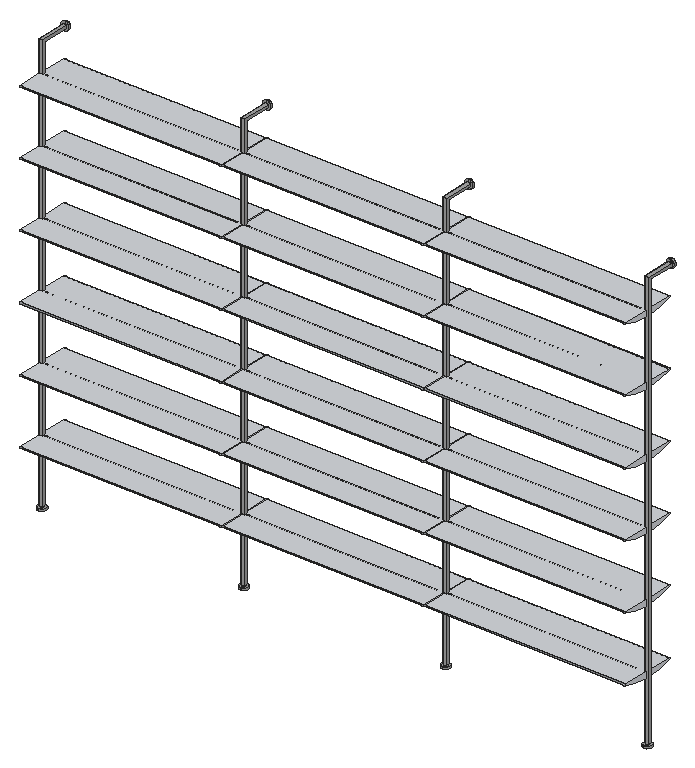
Revit family "Sailor_Parete_Composizione_4", category Arredi, Revit 2017
Family settings
  Numero OmniClass = 23.40.20.00
  Titolo OmniClass = General Furniture and Specialties
  Basato su piano di lavoro = No
  Sempre verticale = Sì
  Taglio con vuoti quando caricato = No
  Condiviso = No
  Punto di calcolo locali = No
Parameters
  VisibModulo4 = no
  VisibModulo3 = yes
  VisibModulo2 = yes
  URL = "www.livingdivani.it"
  Produttore = "Living Divani"
  Modello = "Sailor"
  Lunghezza Modulo 3 = 1200 mm
  Lunghezza Modulo 2 = 1200 mm
  Lunghezza Modulo 4 = 900 mm
  Lunghezza Modulo 1 = 1200 mm
Reference planes
  plane 1 "Centro (Fronte/Retro)": y = 0
  plane 2: z = 0
  plane 3 "Centro (Sinistra/Destra)": x = 0
Dimensions and locks
  aligned and locked: level to plane 2
  aligned and locked: nested 2 to nested 1
  aligned and locked: nested 3 to nested 2
  aligned and locked: nested 2 to nested 3
  aligned and locked: nested 4 to nested 3
  aligned and locked: nested 3 to nested 4
Nested families
  nested 1: "Sailor_Modulo_Base_Parete" at (0, 0, 0), LunghezzaRipiano <- "Lunghezza Modulo 1", type "Modulo 1"
    with VisibRipiano6 yes, VisibRipiano5 yes, VisibRipiano4 yes, VisibRipiano3 yes, VisibRipiano2 yes, VisibRipiano1 yes, LunghezzaRipiano 1200 mm
  nested 2: "Sailor_Modulo_Base_Parete" at (1200, 0, 0), LunghezzaRipiano <- "Lunghezza Modulo 2", visible <- "VisibModulo2", type "Modulo 2"
    with VisibRipiano6 yes, VisibRipiano5 yes, VisibRipiano4 yes, VisibRipiano3 yes, VisibRipiano2 yes, VisibRipiano1 yes, LunghezzaRipiano 1200 mm, PrimaAsta no
  nested 3: "Sailor_Modulo_Base_Parete" at (2400, 0, 0), LunghezzaRipiano <- "Lunghezza Modulo 3", visible <- "VisibModulo3", type "Modulo 3"
    with VisibRipiano6 yes, VisibRipiano5 yes, VisibRipiano4 yes, VisibRipiano3 yes, VisibRipiano2 yes, VisibRipiano1 yes, LunghezzaRipiano 1200 mm, PrimaAsta no
  nested 4: "Sailor_Modulo_Base_Parete" at (3600, 0, 0), LunghezzaRipiano <- "Lunghezza Modulo 4", visible <- "VisibModulo4", type "Modulo 4"
    with VisibRipiano6 yes, VisibRipiano5 yes, VisibRipiano4 yes, VisibRipiano3 yes, VisibRipiano2 yes, VisibRipiano1 yes, LunghezzaRipiano 900 mm, PrimaAsta no
Definition of nested family "Sailor_Modulo_Base_Parete"
  Parameters (values of type "Sailor_Modulo_Base_Parete")
    VisibRipiano6 [instance] = yes
    VisibRipiano5 [instance] = yes
    VisibRipiano4 [instance] = yes
    VisibRipiano3 [instance] = yes
    VisibRipiano1 [instance] = yes
    VisibRipiano2 [instance] = yes
    Ripiani = none
    PrimaAsta = yes
    LunghezzaRipiano [instance] = 900 mm
    Aste = none
  Reference planes
    plane 1 "Centro (Fronte/Retro)": y = 0
    plane 2: z = 0
    plane 3 "Centro (Sinistra/Destra)": x = 0
    plane 4: y = 0
    plane 5 "Lunghezza Ripiano": x = 900
    plane 6 "primo ripiano": z = 383
    plane 7: y = 0
    plane 8: y = 0
    plane 9: y = 0
    plane 10: y = 0
    plane 11: y = 0
  Forms (mm)
    Revolve 1, solid, material <- "Aste", visible <- "PrimaAsta"
      sketch origin (0, 0, 0) x (0, 1, 0) y (0, 0, 1)
        loop
          line (0, 20) -> (0, 0) -> (19, 0) -> (20.125, 2.25) -> (25, 2.25) -> (25, 9.915) -> (7.761, 9.915) -> (6.996, 12.974) -> (5, 12.974) -> (5, 14.189) -> (7.229, 20) -> (0, 20)
        axis (0, 0) -> (0, 20)
      angle from 0 to 360
    Extrusion 2, solid, material <- "Ripiani", visible <- "VisibRipiano1"
      sketch origin (0, -315.449, -968.719) x (0, 1, 0) y (0, 0, 1)
        loop
          arc (153.449, 1369.219) -> (150.496, 1366.748) -> (152.408, 1363.405) r 3
          arc (152.408, 1363.405) -> (315.449, 1334.219) -> (478.489, 1363.405) r 469.983
          arc (478.489, 1363.405) -> (480.402, 1366.748) -> (477.449, 1369.219) r 3
          line (477.449, 1369.219) -> (153.449, 1369.219)
        loop
          circle (315.449, 1351.719) r 8
      from 0 to 900 <- "LunghezzaRipiano"
    Extrusion 3, solid, visible <- "PrimaAsta", not visible
      sketch origin (0, 0, 0) x (1, 0, 0) y (0, 1, 0)
        loop
          line (12.5, 7.217) -> (0, 14.434) -> (-12.5, 7.217) -> (-12.5, -7.217) -> (0, -14.434) -> (12.5, -7.217) -> (12.5, 7.217)
      from 20 to 2670
    Revolve 4, solid, visible <- "PrimaAsta", not visible
      sketch origin (0, 0, 0) x (0, 1, 0) y (0, 0, 1)
        loop
          line (0, 20) -> (0, 0) -> (19, 0) -> (20.125, 2.25) -> (25, 2.25) -> (25, 9.915) -> (7.761, 9.915) -> (6.996, 12.974) -> (5, 12.974) -> (5, 14.189) -> (7.229, 20) -> (0, 20)
        axis (0, 0) -> (0, 20)
      angle from 0 to 360
    Revolve 5, solid, visible <- "PrimaAsta", not visible
      sketch origin (0, 0, 2690) x (0, 1, 0) y (0, 0, -1)
        loop
          line (0, 20) -> (0, 0) -> (19, 0) -> (20.125, 2.25) -> (25, 2.25) -> (25, 9.915) -> (7.761, 9.915) -> (6.996, 12.974) -> (5, 12.974) -> (5, 14.189) -> (7.229, 20) -> (0, 20)
        axis (0, 0) -> (0, 20)
      angle from 0 to 360
    Revolve 6, solid, material <- "Aste"
      sketch origin (900, 0, 0) x (0, 1, 0) y (0, 0, 1)
        loop
          line (0, 20) -> (0, 0) -> (19, 0) -> (20.125, 2.25) -> (25, 2.25) -> (25, 9.915) -> (7.761, 9.915) -> (6.996, 12.974) -> (5, 12.974) -> (5, 14.189) -> (7.229, 20) -> (0, 20)
        axis (0, 0) -> (0, 20)
      angle from 0 to 360
    Extrusion 7, solid, material <- "Ripiani", visible <- "VisibRipiano2"
      sketch origin (0, -315.449, -583.719) x (0, 1, 0) y (0, 0, 1)
        loop
          arc (153.449, 1369.219) -> (150.496, 1366.748) -> (152.408, 1363.405) r 3
          arc (152.408, 1363.405) -> (315.449, 1334.219) -> (478.489, 1363.405) r 469.983
          arc (478.489, 1363.405) -> (480.402, 1366.748) -> (477.449, 1369.219) r 3
          line (477.449, 1369.219) -> (153.449, 1369.219)
        loop
          circle (315.449, 1351.719) r 8
      from 0 to 900 <- "LunghezzaRipiano"
    Extrusion 8, solid, material <- "Ripiani", visible <- "VisibRipiano3"
      sketch origin (0, -315.449, -198.719) x (0, 1, 0) y (0, 0, 1)
        loop
          arc (153.449, 1369.219) -> (150.496, 1366.748) -> (152.408, 1363.405) r 3
          arc (152.408, 1363.405) -> (315.449, 1334.219) -> (478.489, 1363.405) r 469.983
          arc (478.489, 1363.405) -> (480.402, 1366.748) -> (477.449, 1369.219) r 3
          line (477.449, 1369.219) -> (153.449, 1369.219)
        loop
          circle (315.449, 1351.719) r 8
      from 0 to 900 <- "LunghezzaRipiano"
    Extrusion 9, solid, material <- "Ripiani", visible <- "VisibRipiano4"
      sketch origin (0, -315.449, 186.281) x (0, 1, 0) y (0, 0, 1)
        loop
          arc (153.449, 1369.219) -> (150.496, 1366.748) -> (152.408, 1363.405) r 3
          arc (152.408, 1363.405) -> (315.449, 1334.219) -> (478.489, 1363.405) r 469.983
          arc (478.489, 1363.405) -> (480.402, 1366.748) -> (477.449, 1369.219) r 3
          line (477.449, 1369.219) -> (153.449, 1369.219)
        loop
          circle (315.449, 1351.719) r 8
      from 0 to 900 <- "LunghezzaRipiano"
    Extrusion 10, solid, material <- "Ripiani", visible <- "VisibRipiano5"
      sketch origin (0, -315.449, 571.281) x (0, 1, 0) y (0, 0, 1)
        loop
          arc (153.449, 1369.219) -> (150.496, 1366.748) -> (152.408, 1363.405) r 3
          arc (152.408, 1363.405) -> (315.449, 1334.219) -> (478.489, 1363.405) r 469.983
          arc (478.489, 1363.405) -> (480.402, 1366.748) -> (477.449, 1369.219) r 3
          line (477.449, 1369.219) -> (153.449, 1369.219)
        loop
          circle (315.449, 1351.719) r 8
      from 0 to 900 <- "LunghezzaRipiano"
    Extrusion 11, solid, material <- "Ripiani", visible <- "VisibRipiano6"
      sketch origin (0, -315.449, 956.281) x (0, 1, 0) y (0, 0, 1)
        loop
          arc (153.449, 1369.219) -> (150.496, 1366.748) -> (152.408, 1363.405) r 3
          arc (152.408, 1363.405) -> (315.449, 1334.219) -> (478.489, 1363.405) r 469.983
          arc (478.489, 1363.405) -> (480.402, 1366.748) -> (477.449, 1369.219) r 3
          line (477.449, 1369.219) -> (153.449, 1369.219)
        loop
          circle (315.449, 1351.719) r 8
      from 0 to 900 <- "LunghezzaRipiano"
    Extrusion 12, void
      sketch origin (-112.713, -21.581, 0) x (1, 0, 0) y (0, 1, 0)
        loop
          line (112.713, 36.015) -> (112.713, 7.147) -> (125.213, 14.364) -> (125.213, 28.798) -> (112.713, 36.015)
      from 361.476 to 406.494
    Extrusion 13, void
      sketch origin (862.713, -21.581, 0) x (-1, 0, 0) y (0, -1, 0)
        loop
          line (-37.287, -36.015) -> (-24.787, -28.798) -> (-24.787, -14.364) -> (-37.287, -7.147) -> (-37.287, -36.015)
      from 361.476 to 406.494
    Extrusion 14, void
      sketch origin (-112.713, -21.581, 385.443) x (0, -1, 0) y (1, 0, 0)
        loop
          line (-36.015, 112.713) -> (-7.147, 112.713) -> (-14.364, 125.213) -> (-28.798, 125.213) -> (-36.015, 112.713)
      from 361.476 to 406.494
    Extrusion 15, void
      sketch origin (862.713, -21.581, 385.443) x (0, 1, 0) y (-1, 0, 0)
        loop
          line (36.015, -37.287) -> (28.798, -24.787) -> (14.364, -24.787) -> (7.147, -37.287) -> (36.015, -37.287)
      from 361.476 to 406.494
    Extrusion 16, void
      sketch origin (-112.713, -21.581, 770.443) x (0, -1, 0) y (1, 0, 0)
        loop
          line (-36.015, 112.713) -> (-7.147, 112.713) -> (-14.364, 125.213) -> (-28.798, 125.213) -> (-36.015, 112.713)
      from 361.476 to 406.494
    Extrusion 17, void
      sketch origin (862.713, -21.581, 770.443) x (0, 1, 0) y (-1, 0, 0)
        loop
          line (36.015, -37.287) -> (28.798, -24.787) -> (14.364, -24.787) -> (7.147, -37.287) -> (36.015, -37.287)
      from 361.476 to 406.494
    Extrusion 18, void
      sketch origin (-112.713, -21.581, 1155.443) x (0, -1, 0) y (1, 0, 0)
        loop
          line (-36.015, 112.713) -> (-7.147, 112.713) -> (-14.364, 125.213) -> (-28.798, 125.213) -> (-36.015, 112.713)
      from 361.476 to 406.494
    Extrusion 19, void
      sketch origin (862.713, -21.581, 1155.443) x (0, 1, 0) y (-1, 0, 0)
        loop
          line (36.015, -37.287) -> (28.798, -24.787) -> (14.364, -24.787) -> (7.147, -37.287) -> (36.015, -37.287)
      from 361.476 to 406.494
    Extrusion 20, void
      sketch origin (-112.713, -21.581, 1540.443) x (0, -1, 0) y (1, 0, 0)
        loop
          line (-36.015, 112.713) -> (-7.147, 112.713) -> (-14.364, 125.213) -> (-28.798, 125.213) -> (-36.015, 112.713)
      from 361.476 to 406.494
    Extrusion 21, void
      sketch origin (862.713, -21.581, 1540.443) x (0, 1, 0) y (-1, 0, 0)
        loop
          line (36.015, -37.287) -> (28.798, -24.787) -> (14.364, -24.787) -> (7.147, -37.287) -> (36.015, -37.287)
      from 361.476 to 406.494
    Extrusion 22, void
      sketch origin (-112.713, -21.581, 1925.443) x (0, -1, 0) y (1, 0, 0)
        loop
          line (-36.015, 112.713) -> (-7.147, 112.713) -> (-14.364, 125.213) -> (-28.798, 125.213) -> (-36.015, 112.713)
      from 361.476 to 406.494
    Extrusion 23, void
      sketch origin (862.713, -21.581, 1925.443) x (0, 1, 0) y (-1, 0, 0)
        loop
          line (36.015, -37.287) -> (28.798, -24.787) -> (14.364, -24.787) -> (7.147, -37.287) -> (36.015, -37.287)
      from 361.476 to 406.494
    Sweep 24, solid, material <- "Aste", visible <- "PrimaAsta"
      path origin (0, 0, 0) x (0, 1, 0) y (0, 0, 1)
        loop
          line (0, 20) -> (0, 2496) -> (160.566, 2496)
      profile origin (0, 0, 1258) x (0, -1, 0) y (1, 0, 0)
        loop
          line (-14.434, 0) -> (-7.217, -12.5) -> (7.217, -12.5) -> (14.434, 0) -> (7.217, 12.5) -> (-7.217, 12.5) -> (-14.434, 0)
    Revolve 25, solid, material <- "Aste", visible <- "PrimaAsta"
      sketch origin (0, 180.566, 2496) x (0, 0, 1) y (0, -1, 0)
        loop
          line (0, 20) -> (0, -15) -> (3, -15) -> (3, 0) -> (19, 0) -> (20.125, 2.25) -> (25, 2.25) -> (25, 9.915) -> (7.761, 9.915) -> (6.996, 12.974) -> (5, 12.974) -> (5, 14.189) -> (7.229, 20) -> (0, 20)
        axis (0, -15) -> (0, 20)
      angle from 0 to 360
    Sweep 26, solid, material <- "Aste"
      path origin (900, 551.923, 1200) x (0, 1, 0) y (0, 0, 1)
        loop
          line (-551.923, -1180) -> (-551.923, 1296) -> (-391.357, 1296)
      profile origin (900, 0, 1258) x (0, -1, 0) y (1, 0, 0)
        loop
          line (14.434, 0) -> (7.217, 12.5) -> (-7.217, 12.5) -> (-14.434, 0) -> (-7.217, -12.5) -> (7.217, -12.5) -> (14.434, 0)
    Revolve 27, solid, material <- "Aste"
      sketch origin (900, 180.566, 2496) x (0, 0, 1) y (0, 1, 0)
        loop
          line (0, -20) -> (7.229, -20) -> (5, -14.189) -> (5, -12.974) -> (6.996, -12.974) -> (7.761, -9.915) -> (25, -9.915) -> (25, -2.25) -> (20.125, -2.25) -> (19, 0) -> (3, 0) -> (3, 15) -> (0, 15) -> (0, -20)
        axis (0, 15) -> (0, -20)
      angle from 0 to 360
  Cuts and joins
    Extrusion 12, Extrusion 13, Extrusion 14, Extrusion 15 cuts Extrusion 2
    Extrusion 12, Extrusion 13, Extrusion 22, Extrusion 23 cuts Extrusion 11
    Extrusion 14, Extrusion 15, Extrusion 16 cuts Extrusion 7
    Extrusion 16, Extrusion 17, Extrusion 18 cuts Extrusion 8
    Extrusion 18, Extrusion 19, Extrusion 20 cuts Extrusion 9
    Extrusion 20, Extrusion 21, Extrusion 22 cuts Extrusion 10
  Dimensions and locks
    equal spacing: Extrusion 2 sketch curve, plane 4, Extrusion 2 sketch curve, locked at 165 each
    "LunghezzaRipiano": plane 3 "Centro (Sinistra/Destra)" to plane 5 "Lunghezza Ripiano"
    plane 6 "primo ripiano" to level = 383 mm
    equal spacing: Extrusion 7 sketch curve, plane 7, Extrusion 7 sketch curve, locked at 165 each
    Extrusion 7 to plane 6 "primo ripiano" = 385 mm
    equal spacing: Extrusion 8 sketch curve, plane 8, Extrusion 8 sketch curve, locked at 165 each
    equal spacing: Extrusion 9 sketch curve, plane 9, Extrusion 9 sketch curve, locked at 165 each
    equal spacing: Extrusion 10 sketch curve, plane 10, Extrusion 10 sketch curve, locked at 165 each
    equal spacing: Extrusion 11 sketch curve, plane 11, Extrusion 11 sketch curve, locked at 165 each
    aligned and locked: level to plane 2
    aligned and locked: plane 4 to plane 1 "Centro (Fronte/Retro)"
    aligned and locked: plane 6 "primo ripiano" to Extrusion 2
    aligned and locked: cut or joined group of Extrusion 11, Extrusion 12, Extrusion 13, Extrusion 22, Extrusion 23 to cut or joined group of Extrusion 2, Extrusion 12, Extrusion 13, Extrusion 14, Extrusion 15  (x2)
    aligned and locked: plane 5 "Lunghezza Ripiano" to Revolve 6
    aligned and locked: Sweep 24 to Revolve 25
    aligned and locked: plane 5 "Lunghezza Ripiano" to Revolve 27
  Automatic sketch dimensions
    Extrusion 3 sketch curve to Extrusion 3 sketch curve = 7.217 mm  (x4)
    Revolve 4 sketch curve to Revolve 4 sketch curve = 1.996 mm
    Revolve 4 sketch curve to Revolve 4 sketch curve = 2.229 mm
    Revolve 4 sketch curve to Revolve 4 sketch curve = 0.765 mm
    Revolve 4 sketch curve to Revolve 4 sketch curve = 11.239 mm
    Revolve 4 sketch curve to Revolve 4 sketch curve = 1.125 mm
    Revolve 4 sketch curve to Revolve 4 sketch curve = 4.875 mm
    Revolve 4 sketch curve to Revolve 4 sketch curve = 3.059 mm
    Revolve 4 sketch curve to Revolve 4 sketch curve = 1.216 mm
    Revolve 4 sketch curve to Revolve 4 sketch curve = 5.811 mm
    Revolve 4 sketch curve to Revolve 4 sketch curve = 2780 mm
    Revolve 5 sketch curve to Revolve 5 sketch curve = 1.996 mm
    Revolve 5 sketch curve to Revolve 5 sketch curve = 2.229 mm
    Revolve 5 sketch curve to Revolve 5 sketch curve = 0.765 mm
    Revolve 5 sketch curve to Revolve 5 sketch curve = 11.239 mm
    Revolve 5 sketch curve to Revolve 5 sketch curve = 1.125 mm
    Revolve 5 sketch curve to Revolve 5 sketch curve = 4.875 mm
    Revolve 5 sketch curve to Revolve 5 sketch curve = 2.25 mm
    Revolve 5 sketch curve to Revolve 5 sketch curve = 9.915 mm
    Revolve 5 sketch curve to Revolve 5 sketch curve = 3.059 mm
    Revolve 5 sketch curve to Revolve 5 sketch curve = 1.216 mm
    Revolve 5 sketch curve to Revolve 5 sketch curve = 5.811 mm
    Revolve 5 sketch curve to Revolve 5 sketch curve = 0 mm  (x2)
    Extrusion 3 sketch curve to Extrusion 3 sketch curve = 12.5 mm  (x3)
    Extrusion 3 sketch curve to Extrusion 3 sketch curve = 14.434 mm
    Revolve 4 sketch curve to Revolve 4 sketch curve = 5 mm
    Revolve 4 sketch curve to Revolve 4 sketch curve = 2.25 mm
    Revolve 4 sketch curve to Revolve 4 sketch curve = 9.915 mm
    Revolve 4 sketch curve to Revolve 4 sketch curve = 0 mm  (x2)
    Revolve 5 sketch curve to Revolve 5 sketch curve = 5 mm
    Revolve 5 sketch curve to Revolve 5 sketch curve = 2780 mm
    Revolve 1 sketch curve to level = 0 mm  (x2)
    Revolve 1 sketch curve to plane 1 "Centro (Fronte/Retro)" = 0 mm  (x2)
    Revolve 1 sketch curve to plane 1 "Centro (Fronte/Retro)" = 5 mm
    Revolve 1 sketch curve to Revolve 1 sketch curve = 1.996 mm
    Revolve 1 sketch curve to Revolve 1 sketch curve = 2.229 mm
    Revolve 1 sketch curve to Revolve 1 sketch curve = 0.765 mm
    Revolve 1 sketch curve to Revolve 1 sketch curve = 11.239 mm
    level to Revolve 1 sketch curve = 2.25 mm
    Revolve 1 sketch curve to Revolve 1 sketch curve = 1.125 mm
    Revolve 1 sketch curve to Revolve 1 sketch curve = 4.875 mm
    level to Revolve 1 sketch curve = 9.915 mm
    Revolve 1 sketch curve to Revolve 1 sketch curve = 3.059 mm
    Revolve 1 sketch curve to Revolve 1 sketch curve = 1.216 mm
    Revolve 1 sketch curve to Revolve 1 sketch curve = 5.811 mm
    plane 6 "primo ripiano" to Revolve 1 sketch curve = 2417 mm
    Extrusion 2 sketch curve to plane 1 "Centro (Fronte/Retro)" = 0 mm  (x2)
    Extrusion 2 sketch curve to plane 6 "primo ripiano" = 0 mm
    plane 6 "primo ripiano" to Extrusion 2 sketch curve = 17.5 mm
    plane 1 "Centro (Fronte/Retro)" to Extrusion 2 sketch curve = 162 mm
    Extrusion 2 sketch curve to plane 1 "Centro (Fronte/Retro)" = 162 mm
    Extrusion 2 sketch curve to Extrusion 2 sketch curve = 3 mm
    Extrusion 2 sketch curve to Extrusion 2 sketch curve = 452.483 mm
    Extrusion 2 sketch curve to Extrusion 2 sketch curve = 0 mm
    Revolve 6 sketch curve to level = 0 mm  (x2)
    Revolve 6 sketch curve to plane 1 "Centro (Fronte/Retro)" = 0 mm  (x2)
    Revolve 6 sketch curve to plane 1 "Centro (Fronte/Retro)" = 5 mm
    Revolve 6 sketch curve to Revolve 6 sketch curve = 1.996 mm
    Revolve 6 sketch curve to Revolve 6 sketch curve = 2.229 mm
    Revolve 6 sketch curve to Revolve 6 sketch curve = 0.765 mm
    Revolve 6 sketch curve to Revolve 6 sketch curve = 11.239 mm
    level to Revolve 6 sketch curve = 2.25 mm
    Revolve 6 sketch curve to Revolve 6 sketch curve = 1.125 mm
    Revolve 6 sketch curve to Revolve 6 sketch curve = 4.875 mm
    level to Revolve 6 sketch curve = 9.915 mm
    Revolve 6 sketch curve to Revolve 6 sketch curve = 3.059 mm
    Revolve 6 sketch curve to Revolve 6 sketch curve = 1.216 mm
    Revolve 6 sketch curve to Revolve 6 sketch curve = 5.811 mm
    plane 6 "primo ripiano" to Revolve 6 sketch curve = 2417 mm
    Extrusion 7 sketch curve to plane 1 "Centro (Fronte/Retro)" = 0 mm  (x2)
    plane 1 "Centro (Fronte/Retro)" to Extrusion 7 sketch curve = 162 mm
    Extrusion 7 sketch curve to plane 1 "Centro (Fronte/Retro)" = 162 mm
    plane 6 "primo ripiano" to Extrusion 7 sketch curve = 385 mm
    Extrusion 7 sketch curve to Extrusion 7 sketch curve = 14.5 mm
    Extrusion 7 sketch curve to Extrusion 7 sketch curve = 3 mm
    Extrusion 7 sketch curve to Extrusion 7 sketch curve = 452.483 mm
    Extrusion 7 sketch curve to Extrusion 7 sketch curve = 0 mm
    Extrusion 8 sketch curve to plane 1 "Centro (Fronte/Retro)" = 0 mm  (x2)
    plane 1 "Centro (Fronte/Retro)" to Extrusion 8 sketch curve = 162 mm
    Extrusion 8 sketch curve to plane 1 "Centro (Fronte/Retro)" = 162 mm
    plane 6 "primo ripiano" to Extrusion 8 sketch curve = 770 mm
    Extrusion 8 sketch curve to Extrusion 8 sketch curve = 14.5 mm
    Extrusion 8 sketch curve to Extrusion 8 sketch curve = 3 mm
    Extrusion 8 sketch curve to Extrusion 8 sketch curve = 452.483 mm
    Extrusion 8 sketch curve to Extrusion 8 sketch curve = 0 mm
    Extrusion 9 sketch curve to plane 1 "Centro (Fronte/Retro)" = 0 mm  (x2)
    plane 1 "Centro (Fronte/Retro)" to Extrusion 9 sketch curve = 162 mm
    Extrusion 9 sketch curve to plane 1 "Centro (Fronte/Retro)" = 162 mm
    plane 6 "primo ripiano" to Extrusion 9 sketch curve = 1155 mm
    Extrusion 9 sketch curve to Extrusion 9 sketch curve = 14.5 mm
    Extrusion 9 sketch curve to Extrusion 9 sketch curve = 3 mm
    Extrusion 9 sketch curve to Extrusion 9 sketch curve = 452.483 mm
    Extrusion 9 sketch curve to Extrusion 9 sketch curve = 0 mm
    Extrusion 10 sketch curve to plane 1 "Centro (Fronte/Retro)" = 0 mm  (x2)
    plane 1 "Centro (Fronte/Retro)" to Extrusion 10 sketch curve = 162 mm
    Extrusion 10 sketch curve to plane 1 "Centro (Fronte/Retro)" = 162 mm
    plane 6 "primo ripiano" to Extrusion 10 sketch curve = 1540 mm
    Extrusion 10 sketch curve to Extrusion 10 sketch curve = 14.5 mm
    Extrusion 10 sketch curve to Extrusion 10 sketch curve = 3 mm
    Extrusion 10 sketch curve to Extrusion 10 sketch curve = 452.483 mm
    Extrusion 10 sketch curve to Extrusion 10 sketch curve = 0 mm
    Extrusion 11 sketch curve to plane 1 "Centro (Fronte/Retro)" = 0 mm  (x2)
    plane 1 "Centro (Fronte/Retro)" to Extrusion 11 sketch curve = 162 mm
    Extrusion 11 sketch curve to plane 1 "Centro (Fronte/Retro)" = 162 mm
    plane 6 "primo ripiano" to Extrusion 11 sketch curve = 1925 mm
    Extrusion 11 sketch curve to Extrusion 11 sketch curve = 14.5 mm
    Extrusion 11 sketch curve to Extrusion 11 sketch curve = 3 mm
    Extrusion 11 sketch curve to Extrusion 11 sketch curve = 452.483 mm
    Extrusion 11 sketch curve to Extrusion 11 sketch curve = 0 mm
    Extrusion 12 sketch curve to plane 3 "Centro (Sinistra/Destra)" = 0 mm
    plane 3 "Centro (Sinistra/Destra)" to Extrusion 12 sketch curve = 12.5 mm
    plane 1 "Centro (Fronte/Retro)" to Extrusion 12 sketch curve = 14.434 mm
    plane 1 "Centro (Fronte/Retro)" to Extrusion 12 sketch curve = 7.217 mm
    Extrusion 12 sketch curve to plane 1 "Centro (Fronte/Retro)" = 7.217 mm
    Extrusion 12 sketch curve to Extrusion 12 sketch curve = 7.217 mm
    Extrusion 13 sketch curve to plane 5 "Lunghezza Ripiano" = 0 mm
    plane 5 "Lunghezza Ripiano" to Extrusion 13 sketch curve = 12.5 mm
    Extrusion 13 sketch curve to plane 1 "Centro (Fronte/Retro)" = 14.434 mm
    Extrusion 13 sketch curve to plane 1 "Centro (Fronte/Retro)" = 7.217 mm
    plane 1 "Centro (Fronte/Retro)" to Extrusion 13 sketch curve = 7.217 mm
    plane 1 "Centro (Fronte/Retro)" to Extrusion 13 sketch curve = 14.434 mm
    Extrusion 14 sketch curve to plane 3 "Centro (Sinistra/Destra)" = 0 mm
    Extrusion 14 sketch curve to plane 1 "Centro (Fronte/Retro)" = 14.434 mm
    Extrusion 14 sketch curve to plane 1 "Centro (Fronte/Retro)" = 7.217 mm
    plane 1 "Centro (Fronte/Retro)" to Extrusion 14 sketch curve = 7.217 mm
    Extrusion 14 sketch curve to Extrusion 14 sketch curve = 7.217 mm
    plane 3 "Centro (Sinistra/Destra)" to Extrusion 14 sketch curve = 12.5 mm
    Extrusion 15 sketch curve to plane 5 "Lunghezza Ripiano" = 0 mm
    plane 1 "Centro (Fronte/Retro)" to Extrusion 15 sketch curve = 14.434 mm
    plane 1 "Centro (Fronte/Retro)" to Extrusion 15 sketch curve = 7.217 mm
    Extrusion 15 sketch curve to plane 1 "Centro (Fronte/Retro)" = 7.217 mm
    Extrusion 15 sketch curve to plane 1 "Centro (Fronte/Retro)" = 14.434 mm
    Extrusion 15 sketch curve to plane 5 "Lunghezza Ripiano" = 12.5 mm
    Extrusion 16 sketch curve to plane 3 "Centro (Sinistra/Destra)" = 0 mm
    Extrusion 16 sketch curve to plane 1 "Centro (Fronte/Retro)" = 14.434 mm
    Extrusion 16 sketch curve to plane 1 "Centro (Fronte/Retro)" = 7.217 mm
    plane 1 "Centro (Fronte/Retro)" to Extrusion 16 sketch curve = 7.217 mm
    Extrusion 16 sketch curve to Extrusion 16 sketch curve = 7.217 mm
    plane 3 "Centro (Sinistra/Destra)" to Extrusion 16 sketch curve = 12.5 mm
    Extrusion 17 sketch curve to plane 5 "Lunghezza Ripiano" = 0 mm
    plane 1 "Centro (Fronte/Retro)" to Extrusion 17 sketch curve = 14.434 mm
    plane 1 "Centro (Fronte/Retro)" to Extrusion 17 sketch curve = 7.217 mm
    Extrusion 17 sketch curve to plane 1 "Centro (Fronte/Retro)" = 7.217 mm
    Extrusion 17 sketch curve to plane 1 "Centro (Fronte/Retro)" = 14.434 mm
    Extrusion 17 sketch curve to plane 5 "Lunghezza Ripiano" = 12.5 mm
    Extrusion 18 sketch curve to plane 3 "Centro (Sinistra/Destra)" = 0 mm
    Extrusion 18 sketch curve to plane 1 "Centro (Fronte/Retro)" = 14.434 mm
    Extrusion 18 sketch curve to plane 1 "Centro (Fronte/Retro)" = 7.217 mm
    plane 1 "Centro (Fronte/Retro)" to Extrusion 18 sketch curve = 7.217 mm
    Extrusion 18 sketch curve to Extrusion 18 sketch curve = 7.217 mm
    plane 3 "Centro (Sinistra/Destra)" to Extrusion 18 sketch curve = 12.5 mm
    Extrusion 19 sketch curve to plane 5 "Lunghezza Ripiano" = 0 mm
    plane 1 "Centro (Fronte/Retro)" to Extrusion 19 sketch curve = 14.434 mm
    plane 1 "Centro (Fronte/Retro)" to Extrusion 19 sketch curve = 7.217 mm
    Extrusion 19 sketch curve to plane 1 "Centro (Fronte/Retro)" = 7.217 mm
    Extrusion 19 sketch curve to plane 1 "Centro (Fronte/Retro)" = 14.434 mm
    Extrusion 19 sketch curve to plane 5 "Lunghezza Ripiano" = 12.5 mm
    Extrusion 20 sketch curve to plane 3 "Centro (Sinistra/Destra)" = 0 mm
    Extrusion 20 sketch curve to plane 1 "Centro (Fronte/Retro)" = 14.434 mm
    Extrusion 20 sketch curve to plane 1 "Centro (Fronte/Retro)" = 7.217 mm
    plane 1 "Centro (Fronte/Retro)" to Extrusion 20 sketch curve = 7.217 mm
    Extrusion 20 sketch curve to Extrusion 20 sketch curve = 7.217 mm
    plane 3 "Centro (Sinistra/Destra)" to Extrusion 20 sketch curve = 12.5 mm
    Extrusion 21 sketch curve to plane 5 "Lunghezza Ripiano" = 0 mm
    plane 1 "Centro (Fronte/Retro)" to Extrusion 21 sketch curve = 14.434 mm
    plane 1 "Centro (Fronte/Retro)" to Extrusion 21 sketch curve = 7.217 mm
    Extrusion 21 sketch curve to plane 1 "Centro (Fronte/Retro)" = 7.217 mm
    Extrusion 21 sketch curve to plane 1 "Centro (Fronte/Retro)" = 14.434 mm
    Extrusion 21 sketch curve to plane 5 "Lunghezza Ripiano" = 12.5 mm
    Extrusion 22 sketch curve to plane 3 "Centro (Sinistra/Destra)" = 0 mm
    Extrusion 22 sketch curve to plane 1 "Centro (Fronte/Retro)" = 14.434 mm
    Extrusion 22 sketch curve to plane 1 "Centro (Fronte/Retro)" = 7.217 mm
    plane 1 "Centro (Fronte/Retro)" to Extrusion 22 sketch curve = 7.217 mm
    Extrusion 22 sketch curve to Extrusion 22 sketch curve = 7.217 mm
    plane 3 "Centro (Sinistra/Destra)" to Extrusion 22 sketch curve = 12.5 mm
    Extrusion 23 sketch curve to plane 5 "Lunghezza Ripiano" = 0 mm
    plane 1 "Centro (Fronte/Retro)" to Extrusion 23 sketch curve = 14.434 mm
    plane 1 "Centro (Fronte/Retro)" to Extrusion 23 sketch curve = 7.217 mm
    Extrusion 23 sketch curve to plane 1 "Centro (Fronte/Retro)" = 7.217 mm
    Extrusion 23 sketch curve to Extrusion 23 sketch curve = 7.217 mm
    Extrusion 23 sketch curve to plane 5 "Lunghezza Ripiano" = 12.5 mm
    Sweep 24 sketch curve to plane 1 "Centro (Fronte/Retro)" = 0 mm
    plane 6 "primo ripiano" to Sweep 24 sketch curve = 2113 mm
    Sweep 24 sketch curve to plane 1 "Centro (Fronte/Retro)" = 160.566 mm
    level to Sweep 24 sketch curve = 20 mm
    Sweep 24 sketch curve to plane 3 "Centro (Sinistra/Destra)" = 0 mm  (x2)
    profile plane to Sweep 24 sketch curve = 14.434 mm
    profile plane to Sweep 24 sketch curve = 7.217 mm  (x2)
    Sweep 24 sketch curve to profile plane = 7.217 mm  (x2)
    Sweep 24 sketch curve to Sweep 24 sketch curve = 7.217 mm
    Sweep 24 sketch curve to plane 3 "Centro (Sinistra/Destra)" = 12.5 mm
    plane 3 "Centro (Sinistra/Destra)" to Sweep 24 sketch curve = 12.5 mm
    Revolve 25 sketch curve to plane 1 "Centro (Fronte/Retro)" = 160.566 mm
    plane 6 "primo ripiano" to Revolve 25 sketch curve = 2113 mm  (x2)
    Revolve 25 sketch curve to Revolve 25 sketch curve = 3 mm
    Revolve 25 sketch curve to Revolve 25 sketch curve = 5 mm
    Revolve 25 sketch curve to plane 1 "Centro (Fronte/Retro)" = 167.593 mm
    Revolve 25 sketch curve to Revolve 25 sketch curve = 1.996 mm
    Revolve 25 sketch curve to Revolve 25 sketch curve = 2.229 mm
    Revolve 25 sketch curve to plane 1 "Centro (Fronte/Retro)" = 170.652 mm
    Revolve 25 sketch curve to Revolve 25 sketch curve = 0.765 mm
    Revolve 25 sketch curve to plane 1 "Centro (Fronte/Retro)" = 180.566 mm
    Revolve 25 sketch curve to Revolve 25 sketch curve = 11.239 mm
    Revolve 25 sketch curve to plane 1 "Centro (Fronte/Retro)" = 178.316 mm
    Revolve 25 sketch curve to Revolve 25 sketch curve = 1.125 mm
    Revolve 25 sketch curve to Revolve 25 sketch curve = 4.875 mm
    Revolve 25 sketch curve to Revolve 25 sketch curve = 15 mm
    Revolve 25 sketch curve to Revolve 25 sketch curve = 1.216 mm
    Revolve 25 sketch curve to Revolve 25 sketch curve = 0 mm
    plane 1 "Centro (Fronte/Retro)" to Revolve 25 sketch curve = 2619.434 mm
    Sweep 26 sketch curve to profile plane = 0 mm  (x2)
    profile plane to Sweep 26 sketch curve = 14.434 mm
    profile plane to Sweep 26 sketch curve = 7.217 mm  (x2)
    Sweep 26 sketch curve to profile plane = 7.217 mm  (x2)
    Sweep 26 sketch curve to profile plane = 14.434 mm
    Sweep 26 sketch curve to profile plane = 12.5 mm
    profile plane to Sweep 26 sketch curve = 12.5 mm
    Revolve 27 sketch curve to plane 1 "Centro (Fronte/Retro)" = 160.566 mm
    plane 6 "primo ripiano" to Revolve 27 sketch curve = 2113 mm  (x2)
    Revolve 27 sketch curve to Revolve 27 sketch curve = 3 mm
    Revolve 27 sketch curve to Revolve 27 sketch curve = 5 mm
    Revolve 27 sketch curve to plane 1 "Centro (Fronte/Retro)" = 167.593 mm
    Revolve 27 sketch curve to Revolve 27 sketch curve = 1.996 mm
    Revolve 27 sketch curve to Revolve 27 sketch curve = 2.229 mm
    Revolve 27 sketch curve to plane 1 "Centro (Fronte/Retro)" = 170.652 mm
    Revolve 27 sketch curve to Revolve 27 sketch curve = 0.765 mm
    Revolve 27 sketch curve to plane 1 "Centro (Fronte/Retro)" = 180.566 mm
    Revolve 27 sketch curve to Revolve 27 sketch curve = 11.239 mm
    Revolve 27 sketch curve to plane 1 "Centro (Fronte/Retro)" = 178.316 mm
    Revolve 27 sketch curve to Revolve 27 sketch curve = 1.125 mm
    Revolve 27 sketch curve to Revolve 27 sketch curve = 4.875 mm
    Revolve 27 sketch curve to Revolve 27 sketch curve = 1.216 mm
    Revolve 27 sketch curve to Revolve 27 sketch curve = 15 mm
    plane 1 "Centro (Fronte/Retro)" to Revolve 27 sketch curve = 2619.434 mm
    Revolve 27 sketch curve to Revolve 27 sketch curve = 0 mm
    Sweep 26 sketch curve to plane 1 "Centro (Fronte/Retro)" = 0 mm
    plane 6 "primo ripiano" to Sweep 26 sketch curve = 2113 mm
    Sweep 26 sketch curve to Sweep 26 sketch curve = 160.566 mm
    level to Sweep 26 sketch curve = 20 mm
    radius of Extrusion 2 sketch curve = 8 mm
    radius of Extrusion 7 sketch curve = 8 mm
    radius of Extrusion 8 sketch curve = 8 mm
    radius of Extrusion 9 sketch curve = 8 mm
    radius of Extrusion 10 sketch curve = 8 mm
    radius of Extrusion 11 sketch curve = 8 mm
